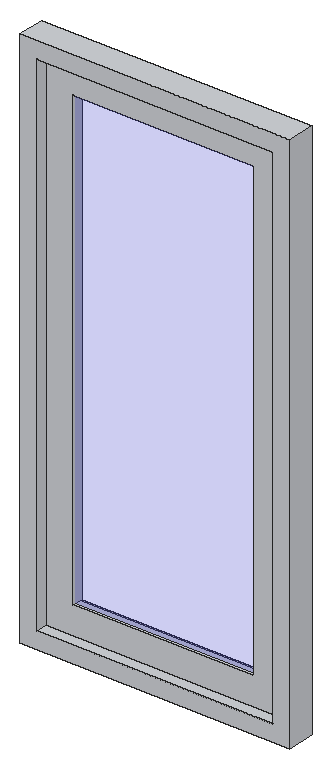
Revit family "NORFAC - Door Family template", category Doors, host Wall, Revit 2017
Family settings
  Host = Wall
  OmniClass Number = 23.30.10.00
  OmniClass Title = Doors
  Always vertical = Yes
  Cut with Voids When Loaded = No
  Shared = No
  Room Calculation Point = No
Parameters
  gw = g value * (Glass Area / Door Area)  # 0
  g value = 0
  U value Glass = 0
  U value Frame = 0
  U value = (U value Frame * Frame Area + U value Glass * Glass Area + Psi Glass * 2.00 m² * (Glass Height + Glass Width) / 1000 mm) / (Frame Area + Glass Area)  # 0
  Rough Width = 1000 mm
  Rough Height = 2000 mm
  Psi Glass = 0
  Orientation [instance] = (if(Deflection from North > 315.00°, "North", if(Deflection from North > 135.00°, "South", if(Deflection from North > 225.00°, "West", if(Deflection from North > 45.00°, "East", "North")))))  # "North"
  LT value = 1
  Joint = 12 mm
  Include in PhPP = yes
  Glass Width = Width - (2 * Glass Distance Side)  # 775.915 mm
  Glass Recess in Door  Sheet = 10 mm
  Glass Height = Height - Glass Distance Top - Glass Distance Bottom  # 1776 mm
  Glass Distance Top = 100 mm
  Glass Distance Side = 100.043 mm
  Glass Distance Bottom = 100 mm
  Glass Thickness = 20 mm
  Glass Area = Glass Height * Glass Width  # 1.37802 m²
  Function = Interior
  Insert in Wall = 200 mm
  Height = Rough Height - (2 * Joint)  # 1976 mm
  Wall Closure = By host
  Width = Rough Width - (2 * Joint)  # 976 mm
  Frame Area = Height * Width - Glass Area  # 0.550552 m²
  Ew West = 162.47 * (gw) - 90.36 * U value  # 0
  Ew South = 301.98 * (gw) - 90.36 * U value  # 0
  Ew North = 0
  Ew East = 162.47 * (gw) - 90.36 * U value  # 0
  Eref Energy Balance = 196.4 * (gw) - 90.36 * U value  # 0
  Door Sheet Thickness = 40 mm
  Door Sheet Recess in Frame = 20 mm
  Frame Width = 100 mm
  Frame Depth = 60 mm
  Door Area = Height * Width  # 1.92858 m²
  Deflection from North [instance] = 0.00°
Reference planes
  plane 1: y = 0
  plane 2 "Center (Left/Right)": x = 0
  plane 3 "Left": x = -500
  plane 4 "Right": x = 500
  plane 5: z = 2000
  plane 6 "Exterior": y = 75
  plane 7 "Interior": y = -75
  plane 8: x = 488
  plane 9: x = -488
  plane 10: z = 1988
  plane 11: z = 12
  plane 12 "Frame_Exterior": y = -125
  plane 13 "DoorSheet_Exterior": y = -145
  plane 14 "Frame_Interior": y = -225
Forms (mm)
  Sweep 1, solid
    path origin (0, -125, 0) x (-1, 0, 0) y (0, 0, 1)
      loop
        line (-488, 1988) -> (-488, 12) -> (488, 12) -> (488, 1988) -> (-488, 1988)
    profile origin (0, -125, 1988) x (0, 0, 1) y (0, 1, 0)
      loop
        line (0, 0) -> (-60, 0) -> (-60, -100) -> (0, -100) -> (0, 0)
  Extrusion 2, solid
    sketch origin (0, -145, 0) x (-1, 0, 0) y (0, 0, 1)
      loop
        line (-428, 1928) -> (-428, 72) -> (428, 72) -> (428, 1928) -> (-428, 1928)
    from 0 to -40
  Extrusion 3, void
    sketch origin (0, -145, 0) x (-1, 0, 0) y (0, 0, 1)
      loop
        line (-327.957, 1828) -> (-327.957, 172) -> (327.957, 172) -> (327.957, 1828) -> (-327.957, 1828)
    from -40 to 0
  Extrusion 4, solid, material "Glass"
    sketch origin (0, -145, 0) x (-1, 0, 0) y (0, 0, 1)
      loop
        line (-327.957, 1828) -> (-327.957, 172) -> (327.957, 172) -> (327.957, 1828) -> (-327.957, 1828)
    from -30 to -10
Cuts and joins
  Extrusion 3 cuts Extrusion 2
Lines and regions (mm)
  Opening 1
    outline origin (-3050, -75, 0) x (1, 0, 0) y (0, 0, 1)
      loop
        line (2550, 0) -> (3550, 0) -> (3550, 2000) -> (2550, 2000) -> (2550, 0)
  symbolic lines, style "Elevation Swing"
    curve 1: line (500, -75, 1000) -> (-500, -75, 2000)
    curve 2: line (500, -75, 1000) -> (-500, -75, 0)
Text (mm)
  text "Exterior" at (-2295.016, 1099.543, 0), in view "Ref. Level"
  text "Exterior" at (0, 1615.38, 3698.081), in view "Left"
  text "Exterior" at (0, 1036.032, 3874.932), in view "Right"
Dimensions and locks
  equal spacing: plane 3 "Left", plane 2 "Center (Left/Right)", plane 4 "Right"
  "Rough Width": plane 3 "Left" to plane 4 "Right"
  "Rough Height": plane 5 to host wall
  equal spacing: host wall, curve 2, plane 5
  host wall to plane 5 = 2000 mm
  locked: plane 6 "Exterior" to host wall at 0
  locked: plane 7 "Interior" to host wall
  "Joint": plane 4 "Right" to plane 8
  "Joint": plane 9 to plane 3 "Left"
  "Joint": plane 10 to plane 5
  "Joint": level to plane 11
  "Frame Depth": Sweep 1 sketch curve to Sweep 1 sketch curve
  "Frame Width": plane 12 "Frame_Exterior" to plane 14 "Frame_Interior"
  "Insert in Wall": host wall to plane 12 "Frame_Exterior"
  "Width": Sweep 1 to Sweep 1
  "Height": Sweep 1 to Sweep 1
  "Door Sheet Thickness": Extrusion 2 to Extrusion 2
  "Door Sheet Recess in Frame": plane 12 "Frame_Exterior" to plane 13 "DoorSheet_Exterior"
  "Glass Distance Side": Extrusion 3 sketch curve to Sweep 1  (x2)
  "Glass Distance Top": Extrusion 3 sketch curve to Sweep 1
  "Glass Distance Bottom": Sweep 1 to Extrusion 3 sketch curve
  "Glass Recess in Door  Sheet": cut or joined group of Extrusion 2, Extrusion 3 to Extrusion 4
  "Glass Thickness": Extrusion 4 to Extrusion 4
  aligned and locked: plane 3 "Left" to Opening 1 sketch curve
  aligned and locked: plane 5 to Opening 1 sketch curve  (x2)
  aligned and locked: Opening 1 sketch curve to plane 4 "Right"
  aligned and locked: Opening 1 sketch curve to level
  aligned and locked: plane 5 to curve 1
  aligned and locked: plane 3 "Left" to curve 2
  aligned and locked: plane 1 to host wall
  aligned and locked: plane 3 "Left" to curve 1
  aligned and locked: plane 10 to Sweep 1 sketch curve
  aligned and locked: Sweep 1 sketch curve to plane 8
  aligned and locked: Sweep 1 sketch curve to plane 11
  aligned and locked: plane 9 to Sweep 1 sketch curve
  aligned and locked: profile plane to Sweep 1 sketch curve
  aligned and locked: Sweep 1 sketch curve to profile plane
  aligned and locked: plane 14 "Frame_Interior" to Sweep 1 sketch curve
  aligned and locked: Extrusion 2 sketch curve to Sweep 1  (x4)
  aligned and locked: plane 13 "DoorSheet_Exterior" to Extrusion 2
  aligned and locked: Extrusion 2 to Extrusion 3
  aligned and locked: plane 13 "DoorSheet_Exterior" to Extrusion 3
  aligned and locked: Extrusion 4 sketch curve to cut or joined group of Extrusion 2, Extrusion 3  (x4)
Automatic sketch dimensions
  plane 4 "Right" to curve 2 = 0 mm
  curve 2 to level = 0 mm
